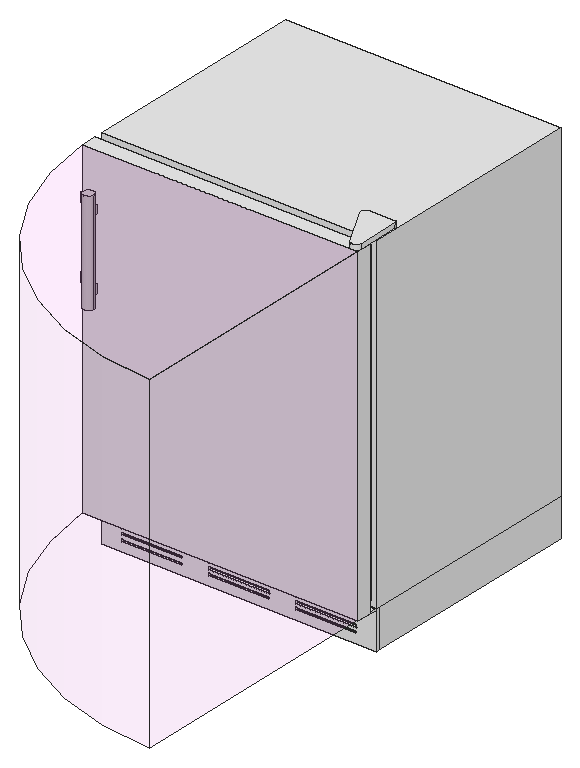
Revit family "QF_Summit_CT661WADA_Refrigerator-Freezer", category Specialty Equipment, Revit 2020
Family settings
  Round Connector Dimension = Use Diameter
  Part Type = Normal
  Work Plane-Based = No
  Always vertical = Yes
  Cut with Voids When Loaded = No
  Shared = No
  Room Calculation Point = No
Parameters
  Weight in Pounds = 100
  Watts = Volts * FL Amps  # 138 W
  Volts = 115 V
  URL Cutsheet = ""
  Specification by User = ""
  Specification by Manufacturer = ""
  Show LHD [instance] = no
  Right Hinged Door [instance] = not(Show LHD)  # yes
  Serial Number = ""
  Seismic Rating = ""
  SMACNA No = ""
  Revision Code = ""
  Refrigerant Volume = 0.00 kip
  Refrigerant Type = "R600a"
  Phase = 1
  Number of Poles = 1
  NAFEM Spec ID Number = ""
  Model = "CT661WADA"
  Min Ckt Ampacity = 0 A
  Max Overcurrent Protection = 0 A
  Masterspec = ""
  Manufacturer = "Summit"
  Length = 23 5/8"
  Item Number = ""
  Installed By = ""
  Identify Quantity as Lot = yes
  Height = 32 3/8"
  HP = ""
  Furnished By = ""
  Foodservice Equipment Identifier = yes
  FL Amps = 1.2 A
  Electrical Remarks = ""
  Electric Connection Type = ""
  Elec Conn RI Height = 0"
  Elec Conn Connection Height = 0"
  Description = "Refrigerator-Freezer"
  Depth = 23"
  Default Elevation = 0"
  Cycle = 60 Hz
  Conn Plug = ""
  Conn Conduit = yes
  CSI MasterFormat = ""
  BTUH = 0.0 Btu/h
  Apparent Power = if(Phase = 3, Volts * FL Amps * 1.73, Volts * FL Amps)  # 138 VA
Reference planes (in)
  plane 1 "BACK": y = 0
  plane 2: z = 0
  plane 3 "LEFT": x = 0
  plane 4 "RIGHT": x = 23.625
  plane 5 "FRONT": y = -23
  plane 6 "TOP": z = 32.375
  plane 7 "Center Y": x = 11.8125
  plane 8 "Center X": y = -11.5
  plane 9: z = 32
  plane 10: y = -24.625
  plane 11: y = -45.375
  plane 12: y = -1.25
  plane 13: y = -21
  plane 14: z = 0.375
  plane 15: z = 3.625
  plane 16: x = 17.46169
Forms (in)
  Extrusion 1, solid, material "QF_Metallic_Paint_White_Smooth"
    sketch origin (-4.07558, -180, 0.25) x (-1, 0, 0) y (0, -1, 0)
      loop
        line (-4.07558, -178.75) -> (-4.07558, -159) -> (-27.70058, -159) -> (-27.70058, -178.75) -> (-4.07558, -178.75)
    from 3.375 to 31.75
  Extrusion 2, solid, material "QF_Metallic_Paint_White_Smooth"
    sketch origin (-5.77638, -180.6239, 3.5) x (-1, 0, 0) y (0, -1, 0)
      loop
        line (-5.77638, -157.625) -> (-29.40138, -157.625) -> (-29.40138, -158.875) -> (-5.77638, -158.875) -> (-5.77638, -157.625)
    from 0.125 to 28.5
  Extrusion 3, solid, material "QF_Metallic_Paint_White_Smooth"
    sketch origin (23.5, -21.7489, 3.5) x (-1, 0, 0) y (0, 0, 1)
      loop
        line (0.375, 0.625) -> (23, 0.625) -> (23, 28) -> (0.375, 28) -> (0.375, 0.625)
    from 0 to 0.7489
  Extrusion 4, solid, material "QF_Metallic_Paint_White_Smooth", visible <- "Right Hinged Door"
    sketch origin (-5.77638, -180.6239, 32) x (-1, 0, 0) y (0, -1, 0)
      loop
        line (-26.55339, -161.37658) -> (-28.47012, -157.91871)
        arc (-28.47012, -157.91871) -> (-28.95386, -157.71088) -> (-29.27619, -158.12717) r 0.42999
        line (-29.27619, -158.12717) -> (-29.27619, -161.7403)
        arc (-29.27619, -161.7403) -> (-29.20297, -161.91708) -> (-29.02619, -161.9903) r 0.25
        line (-29.02619, -161.9903) -> (-26.9149, -161.9903)
        arc (-26.9149, -161.9903) -> (-26.55876, -161.78675) -> (-26.55339, -161.37658) r 0.41333
    from 0 to 0.375
  Extrusion 5, solid, material "QF_Metal_Stainless_Polished", visible <- "Right Hinged Door"
    sketch origin (-1.6459, -180.6239, 28.32044) x (-1, 0, 0) y (0, -1, 0)
      loop
        line (-1.6459, -158.625) -> (-1.5209, -158.625) -> (-1.5209, -157.55854) -> (-2.72981, -156.74311) -> (-3.38781, -156.74311) -> (-3.38781, -156.86811) -> (-2.76803, -156.86811) -> (-1.6459, -157.625) -> (-1.6459, -158.625)
    from 0 to -0.75
  Extrusion 6, solid, material "QF_Metal_Stainless_Polished", visible <- "Right Hinged Door"
    sketch origin (-4.89398, -180.6239, 20.5) x (-1, 0, 0) y (0, -1, 0)
      loop
        circle (-6.30689, -156.43406) r 0.43516
    from 0 to 8.75
  Extrusion 7, solid, material "QF_Metal_Stainless_Polished", visible <- "Right Hinged Door"
    sketch origin (-1.6459, -180.6239, 21.42956) x (0, 1, 0) y (1, 0, 0)
      loop
        line (158.625, 1.6459) -> (157.625, 1.6459) -> (156.86811, 2.76803) -> (156.86811, 3.38781) -> (156.74311, 3.38781) -> (156.74311, 2.72981) -> (157.55854, 1.5209) -> (158.625, 1.5209) -> (158.625, 1.6459)
    from 0 to -0.75
  Extrusion 8, solid, material "QF_Metallic_Paint_White_Smooth", visible <- "Right Hinged Door"
    sketch origin (-5.77638, -180.5, 3.625) x (0, -1, 0) y (-1, 0, 0)
      loop
        line (-159.5, -29.27619) -> (-158.12717, -29.27619)
        arc (-158.12717, -29.27619) -> (-157.71088, -28.95386) -> (-157.91871, -28.47012) r 0.42999
        line (-157.91871, -28.47012) -> (-159.5, -27.5936) -> (-159.5, -29.27619)
    from 0 to 0.125
  Extrusion 9, solid, material "QF_Metallic_Paint_White_Smooth"
    sketch origin (-12.48311, -21, 47.125) x (-1, 0, 0) y (0, 0, 1)
      loop
        line (-12.48311, -46.75) -> (-12.48311, -43.5) -> (-36.10811, -43.5) -> (-36.10811, -46.75) -> (-12.48311, -46.75)
      loop
        line (-14.18872, -44.25) -> (-19.43872, -44.25) -> (-19.43872, -44.5) -> (-14.18872, -44.5) -> (-14.18872, -44.25)
      loop
        line (-14.18872, -44.75) -> (-19.43872, -44.75) -> (-19.43872, -45) -> (-14.18872, -45) -> (-14.18872, -44.75)
      loop
        line (-14.18872, -45.25) -> (-19.43872, -45.25) -> (-19.43872, -45.5) -> (-14.18872, -45.5) -> (-14.18872, -45.25)
      loop
        line (-14.18872, -45.75) -> (-19.43872, -45.75) -> (-19.43872, -46) -> (-14.18872, -46) -> (-14.18872, -45.75)
      loop
        line (-21.67061, -44.25) -> (-26.92061, -44.25) -> (-26.92061, -44.5) -> (-21.67061, -44.5) -> (-21.67061, -44.25)
      loop
        line (-21.67061, -44.75) -> (-26.92061, -44.75) -> (-26.92061, -45) -> (-21.67061, -45) -> (-21.67061, -44.75)
      loop
        line (-21.67061, -45.25) -> (-26.92061, -45.25) -> (-26.92061, -45.5) -> (-21.67061, -45.5) -> (-21.67061, -45.25)
      loop
        line (-21.67061, -45.75) -> (-26.92061, -45.75) -> (-26.92061, -46) -> (-21.67061, -46) -> (-21.67061, -45.75)
      loop
        line (-34.40249, -44.25) -> (-34.40249, -44.5) -> (-29.15249, -44.5) -> (-29.15249, -44.25) -> (-34.40249, -44.25)
      loop
        line (-34.40249, -44.75) -> (-34.40249, -45) -> (-29.15249, -45) -> (-29.15249, -44.75) -> (-34.40249, -44.75)
      loop
        line (-34.40249, -45.25) -> (-34.40249, -45.5) -> (-29.15249, -45.5) -> (-29.15249, -45.25) -> (-34.40249, -45.25)
      loop
        line (-34.40249, -45.75) -> (-34.40249, -46) -> (-29.15249, -46) -> (-29.15249, -45.75) -> (-34.40249, -45.75)
    from 0 to 0.25
  Extrusion 10, solid, material "QF_Metallic_Paint_White_Smooth"
    sketch origin (-12.48311, -1, 48.375) x (-1, 0, 0) y (0, 0, 1)
      loop
        line (-12.48311, -44.75) -> (-36.10811, -44.75) -> (-36.10811, -48) -> (-12.48311, -48) -> (-12.48311, -44.75)
    from -19.75 to -0.25
  Extrusion 11, solid, material "QF_Metallic_Paint_White_Smooth"
    sketch origin (23.625, -1, 0.375) x (0, 1, 0) y (1, 0, 0)
      loop
        circle (-18, -20.5146) r 0.5
      loop
        circle (-2.25, -20.5146) r 0.5
      loop
        circle (-18, -3.1104) r 0.5
      loop
        circle (-2.25, -3.1104) r 0.5
    from 0 to 0.375
  Extrusion 12, solid, material "QF_Metal_Stainless_Polished"
    sketch origin (0, -1.25, 0.25) x (1, 0, 0) y (0, 0, -1)
      loop
        circle (17.46169, -1.09684) r 0.25
    from 0 to 0.25
  Extrusion 13, solid, material "QF_Metallic_Paint_White_Smooth"
    sketch origin (0, -0.75, 17.75) x (0, -1, 0) y (1, 0, 0)
      loop
        line (-0.75, 1) -> (0.5, 1) -> (0.5, 22.625) -> (-0.75, 22.625) -> (-0.75, 1)
    from -14.125 to 13.25
  Extrusion 14, solid, material "QF_Clearances_Door_Drawer", visible <- "Right Hinged Door"
    sketch origin (-5.77638, -180.6239, 3.625) x (0, -1, 0) y (-1, 0, 0)
      loop
        line (-157.625, -29.40138) -> (-135.2489, -29.40138)
        arc (-135.2489, -29.40138) -> (-141.83082, -13.22625) -> (-157.625, -5.77638) r 24.03425
        line (-157.625, -5.77638) -> (-157.625, -29.40138)
    from 0 to -28.375
  Extrusion 15, solid, material "QF_Metallic_Paint_White_Smooth", visible <- "Show LHD"
    sketch origin (29.40138, -180.6239, 32) x (1, 0, 0) y (0, 1, 0)
      loop
        arc (-26.55339, 161.37658) -> (-26.55876, 161.78675) -> (-26.9149, 161.9903) r 0.41333
        line (-26.9149, 161.9903) -> (-29.02619, 161.9903)
        arc (-29.02619, 161.9903) -> (-29.20297, 161.91708) -> (-29.27619, 161.7403) r 0.25
        line (-29.27619, 161.7403) -> (-29.27619, 158.12717)
        arc (-29.27619, 158.12717) -> (-28.95386, 157.71088) -> (-28.47012, 157.91871) r 0.42999
        line (-28.47012, 157.91871) -> (-26.55339, 161.37658)
    from 0 to 0.375
  Extrusion 16, solid, material "QF_Metal_Stainless_Polished", visible <- "Show LHD"
    sketch origin (25.2709, -180.6239, 28.32044) x (1, 0, 0) y (0, 1, 0)
      loop
        line (-1.6459, 158.625) -> (-1.6459, 157.625) -> (-2.76803, 156.86811) -> (-3.38781, 156.86811) -> (-3.38781, 156.74311) -> (-2.72981, 156.74311) -> (-1.5209, 157.55854) -> (-1.5209, 158.625) -> (-1.6459, 158.625)
    from 0 to -0.75
  Extrusion 17, solid, material "QF_Metal_Stainless_Polished", visible <- "Show LHD"
    sketch origin (28.51898, -180.6239, 20.5) x (1, 0, 0) y (0, 1, 0)
      loop
        circle (-6.30689, 156.43406) r 0.43516
    from 0 to 8.75
  Extrusion 18, solid, material "QF_Metal_Stainless_Polished", visible <- "Show LHD"
    sketch origin (25.2709, -180.6239, 21.42956) x (0, -1, 0) y (-1, 0, 0)
      loop
        line (-158.625, 1.6459) -> (-158.625, 1.5209) -> (-157.55854, 1.5209) -> (-156.74311, 2.72981) -> (-156.74311, 3.38781) -> (-156.86811, 3.38781) -> (-156.86811, 2.76803) -> (-157.625, 1.6459) -> (-158.625, 1.6459)
    from 0 to -0.75
  Extrusion 19, solid, material "QF_Metallic_Paint_White_Smooth", visible <- "Show LHD"
    sketch origin (29.40138, -180.5, 3.625) x (0, 1, 0) y (1, 0, 0)
      loop
        line (159.5, -29.27619) -> (159.5, -27.5936) -> (157.91871, -28.47012)
        arc (157.91871, -28.47012) -> (157.71088, -28.95386) -> (158.12717, -29.27619) r 0.42999
        line (158.12717, -29.27619) -> (159.5, -29.27619)
    from 0 to 0.125
  Extrusion 20, solid, material "QF_Clearances_Door_Drawer", visible <- "Show LHD"
    sketch origin (29.40138, -180.6239, 3.625) x (0, 1, 0) y (1, 0, 0)
      loop
        line (157.625, -29.40138) -> (157.625, -5.77638)
        arc (157.625, -5.77638) -> (141.83082, -13.22625) -> (135.2489, -29.40138) r 24.03425
        line (135.2489, -29.40138) -> (157.625, -29.40138)
    from 0 to -28.375
Lines and regions (in)
  symbolic lines
    curve 1: line (0, -1.25, 0) -> (23.625, -1.25, 0)
    curve 2: line (0, -21, 0) -> (0, -1.25, 0)
    curve 3: line (23.625, -21, 0) -> (23.49982, -21, 0)
    curve 4: line (23.625, -1.25, 0) -> (23.625, -21, 0)
    curve 5: line (21.74854, -21, 0) -> (1.87646, -21, 0)
    curve 12: line (23.625, -22.9989, 0) -> (0, -22.9989, 0)
    curve 13: line (0, -21.7489, 0) -> (0, -22.9989, 0)
    curve 14: line (23.625, -21.7489, 0) -> (23.49982, -21.7489, 0)
    curve 15: line (23.625, -22.9989, 0) -> (23.625, -21.7489, 0)
    curve 16: line (22.16366, -21.7489, 0) -> (1.46134, -21.7489, 0)
    curve 28: line (1, -1.25, 0) -> (1, 0, 0)
    curve 29: line (1, 0, 0) -> (22.625, 0, 0)
    curve 30: line (22.625, 0, 0) -> (22.625, -1.25, 0)
    curve 42: line (0.12518, -21, 0) -> (0, -21, 0)
    curve 44: line (0.12518, -21.7489, 0) -> (0, -21.7489, 0)
  symbolic lines, visible <- "Right Hinged Door"
    curve 6: line (23.49982, -22.49673, 0) -> (23.49982, -18.8836, 0)
    curve 7: arc (23.49982, -18.8836, 0) -> (23.42659, -18.70682, 0) -> (23.24982, -18.6336, 0) r 0.25
    curve 8: line (23.24982, -18.6336, 0) -> (21.13852, -18.6336, 0)
    curve 9: arc (21.13852, -18.6336, 0) -> (20.78238, -18.83715, 0) -> (20.77701, -19.24732, 0) r 0.41333
    curve 10: line (20.77701, -19.24732, 0) -> (22.69374, -22.70519, 0)
    curve 11: arc (22.69374, -22.70519, 0) -> (23.17748, -22.91302, 0) -> (23.49982, -22.49673, 0) r 0.42999
    curve 17: line (-0.125, -21.9989, 0) -> (-0.125, -23.06536, 0)
    curve 18: line (-0.125, -23.06536, 0) -> (1.08391, -23.88078, 0)
    curve 19: arc (0.97776, -24.18984, 0) -> (1.41291, -24.625, 0) -> (1.84807, -24.18984, 0) r 0.43516
    curve 20: line (1.74192, -23.75578, 0) -> (1.12213, -23.75578, 0)
    curve 21: line (1.12213, -23.75578, 0) -> (0, -22.9989, 0)
    curve 22: line (1.74192, -23.88078, 0) -> (1.74192, -23.75578, 0)
    curve 23: arc (1.84807, -24.18984, 0) -> (1.73137, -23.89328, 0) -> (1.44385, -23.75578, 0) r 0.43516
    curve 24: line (1.08391, -23.88078, 0) -> (1.10657, -23.88078, 0)
    curve 25: line (1.71926, -23.88078, 0) -> (1.74192, -23.88078, 0)
    curve 26: arc (1.38198, -23.75578, 0) -> (1.09446, -23.89328, 0) -> (0.97776, -24.18984, 0) r 0.43516
    curve 27: line (0.5, -21.7489, 0) -> (0.5, -21, 0)
    curve 32: line (-0.125, -21.9989, 0) -> (0, -21.9989, 0)
    curve 43: line (1.87646, -21, 0) -> (0.12518, -21, 0)
    curve 45: line (1.46134, -21.7489, 0) -> (0.12518, -21.7489, 0)
  symbolic lines, style "QF_Clearances_Door_Drawer", visible <- "Right Hinged Door"
    curve 31: line (23.625, -22.9989, 0) -> (3.82025, -34.43318, 0)
    curve 33: arc (3.82025, -34.43318, 0) -> (1.20686, -29.03479, 0) -> (0.01147, -23.15741, 0) r 24.03425
  symbolic lines, style "QF_Clearances_Door_Drawer", visible <- "Show LHD"
    curve 34: line (0, -22.9989, 0) -> (19.80475, -34.43318, 0)
    curve 35: arc (19.80475, -34.43318, 0) -> (22.41814, -29.03479, 0) -> (23.61353, -23.15741, 0) r 24.03425
  symbolic lines, visible <- "Show LHD"
    curve 36: line (0.12518, -22.49673, 0) -> (0.12518, -18.8836, 0)
    curve 37: arc (0.12518, -18.8836, 0) -> (0.19841, -18.70682, 0) -> (0.37518, -18.6336, 0) r 0.25
    curve 38: line (0.37518, -18.6336, 0) -> (2.48648, -18.6336, 0)
    curve 39: arc (2.48648, -18.6336, 0) -> (2.84262, -18.83715, 0) -> (2.84799, -19.24732, 0) r 0.41333
    curve 40: line (2.84799, -19.24732, 0) -> (0.93126, -22.70519, 0)
    curve 41: arc (0.93126, -22.70519, 0) -> (0.44752, -22.91302, 0) -> (0.12518, -22.49673, 0) r 0.42999
    curve 46: line (23.125, -21.7489, 0) -> (23.125, -21, 0)
    curve 47: line (21.74854, -21, 0) -> (23.49982, -21, 0)
    curve 48: line (22.16366, -21.7489, 0) -> (23.49982, -21.7489, 0)
    curve 49: line (23.75, -21.9989, 0) -> (23.75, -23.06536, 0)
    curve 50: line (23.75, -23.06536, 0) -> (22.54109, -23.88078, 0)
    curve 51: arc (22.64724, -24.18984, 0) -> (22.21209, -24.625, 0) -> (21.77693, -24.18984, 0) r 0.43516
    curve 52: line (21.88308, -23.75578, 0) -> (22.50287, -23.75578, 0)
    curve 53: line (22.50287, -23.75578, 0) -> (23.625, -22.9989, 0)
    curve 54: line (21.88308, -23.88078, 0) -> (21.88308, -23.75578, 0)
    curve 55: arc (21.77693, -24.18984, 0) -> (21.89363, -23.89328, 0) -> (22.18115, -23.75578, 0) r 0.43516
    curve 56: arc (22.24302, -23.75578, 0) -> (22.53054, -23.89328, 0) -> (22.64724, -24.18984, 0) r 0.43516
    curve 57: line (23.75, -21.9989, 0) -> (23.625, -21.9989, 0)
    curve 58: line (22.54109, -23.88078, 0) -> (22.51843, -23.88078, 0)
    curve 59: line (21.90574, -23.88078, 0) -> (21.88308, -23.88078, 0)
Dimensions and locks (in)
  equal spacing: plane 3 "LEFT", plane 7 "Center Y", plane 4 "RIGHT"
  "Length": plane 3 "LEFT" to plane 4 "RIGHT"
  equal spacing: plane 5 "FRONT", plane 8 "Center X", plane 1 "BACK"
  "Depth": plane 5 "FRONT" to plane 1 "BACK"
  "Height": plane 6 "TOP" to level
  plane 4 "RIGHT" to plane 3 "LEFT" = 23 5/8"
  plane 6 "TOP" to plane 9 = 3/8"
  locked: plane 10 to plane 5 "FRONT" at 1.625
  plane 1 "BACK" to plane 12 = 1 1/4"
  plane 12 to plane 13 = 19 3/4"
  plane 9 to plane 2 = 32"
  plane 14 to plane 2 = 3/8"
  plane 15 to plane 14 = 3 1/4"
  plane 11 to plane 1 "BACK" = 45 3/8"
  aligned and locked: level to plane 2
Automatic sketch dimensions
  Extrusion 1 sketch curve to plane 4 "RIGHT" = 0"
  Extrusion 1 sketch curve to plane 3 "LEFT" = 0"
  Extrusion 1 sketch curve to plane 12 = 0"
  Extrusion 1 sketch curve to plane 13 = 0"
  Extrusion 2 sketch curve to plane 4 "RIGHT" = 0"
  Extrusion 2 sketch curve to plane 3 "LEFT" = 0"
  Extrusion 2 sketch curve to plane 13 = 0.7489"
  Extrusion 2 sketch curve to plane 5 "FRONT" = 0.0011"
  Extrusion 2 to Extrusion 3 sketch curve = 1/2"  (x3)
  Extrusion 3 sketch curve to Extrusion 2 = 1/2"
  Extrusion 4 sketch curve to Extrusion 2 = 0.12518"
  Extrusion 4 sketch curve to Extrusion 4 sketch curve = 1/4"
  Extrusion 4 sketch curve to Extrusion 4 sketch curve = 0.42999"
  Extrusion 4 sketch curve to Extrusion 2 = 0.29371"
  Extrusion 4 sketch curve to Extrusion 4 sketch curve = 0.37608"
  Extrusion 4 sketch curve to Extrusion 4 sketch curve = 2.1113"
  Extrusion 4 sketch curve to Extrusion 4 sketch curve = 0.36151"
  Extrusion 2 to Extrusion 4 sketch curve = 2.50158"
  Extrusion 4 sketch curve to Extrusion 4 sketch curve = 0.20039"
  Extrusion 5 sketch curve to plane 3 "LEFT" = 0"
  plane 3 "LEFT" to Extrusion 5 sketch curve = 1.08391"
  Extrusion 5 sketch curve to Extrusion 5 sketch curve = 0.03822"
  Extrusion 5 sketch curve to Extrusion 5 sketch curve = 0.61979"
  Extrusion 5 sketch curve to plane 3 "LEFT" = 1/8"
  Extrusion 5 sketch curve to plane 13 = 0.9989"
  Extrusion 5 sketch curve to plane 5 "FRONT" = 0.0011"
  plane 5 "FRONT" to Extrusion 5 sketch curve = 0.06536"
  plane 5 "FRONT" to Extrusion 5 sketch curve = 0.75578"
  Extrusion 5 sketch curve to Extrusion 5 sketch curve = 1/8"
  plane 10 to Extrusion 6 sketch curve = 0.43516"
  plane 3 "LEFT" to Extrusion 6 sketch curve = 1.41291"
  Extrusion 7 sketch curve to plane 3 "LEFT" = 0"
  plane 10 to Extrusion 7 sketch curve = 0.74422"
  Extrusion 7 sketch curve to Extrusion 7 sketch curve = 1/8"
  plane 5 "FRONT" to Extrusion 7 sketch curve = 0.06536"
  Extrusion 7 sketch curve to plane 5 "FRONT" = 0.0011"
  Extrusion 7 sketch curve to plane 3 "LEFT" = 1/8"
  Extrusion 7 sketch curve to plane 13 = 0.9989"
  plane 3 "LEFT" to Extrusion 7 sketch curve = 1.08391"
  Extrusion 7 sketch curve to Extrusion 7 sketch curve = 0.03822"
  Extrusion 7 sketch curve to Extrusion 7 sketch curve = 0.61979"
  Extrusion 2 to Extrusion 8 sketch curve = 0.12518"
  Extrusion 8 sketch curve to Extrusion 2 = 0.7489"
  Extrusion 2 to Extrusion 8 sketch curve = 0.62393"
  Extrusion 2 to Extrusion 8 sketch curve = 0.41761"
  Extrusion 8 sketch curve to Extrusion 8 sketch curve = 0.42999"
  Extrusion 8 sketch curve to Extrusion 8 sketch curve = 1.6826"
  plane 4 "RIGHT" to Extrusion 9 sketch curve = 0"
  Extrusion 9 sketch curve to plane 3 "LEFT" = 0"
  Extrusion 9 sketch curve to plane 14 = 0"
  Extrusion 9 sketch curve to plane 15 = 0"
  plane 4 "RIGHT" to Extrusion 9 sketch curve = 1.70562"
  plane 14 to Extrusion 9 sketch curve = 3/4"  (x3)
  Extrusion 9 sketch curve to Extrusion 9 sketch curve = 0"  (x18)
  plane 16 to Extrusion 9 sketch curve = 0.79231"
  Extrusion 9 sketch curve to Extrusion 9 sketch curve = 2.23188"  (x2)
  Extrusion 9 sketch curve to plane 7 "Center Y" = 2 5/8"
  plane 3 "LEFT" to Extrusion 9 sketch curve = 1.70562"
  Extrusion 9 sketch curve to Extrusion 9 sketch curve = 1/4"  (x21)
  plane 4 "RIGHT" to Extrusion 10 sketch curve = 0"
  Extrusion 10 sketch curve to plane 3 "LEFT" = 0"
  Extrusion 10 sketch curve to plane 14 = 0"
  Extrusion 10 sketch curve to plane 15 = 0"
  Extrusion 11 sketch curve to Extrusion 10 = 1 3/4"  (x2)
  Extrusion 11 sketch curve to Extrusion 10 = 2"  (x2)
  Extrusion 10 to Extrusion 11 sketch curve = 3.1104"  (x2)
  Extrusion 11 sketch curve to Extrusion 10 = 3.1104"  (x2)
  Extrusion 12 sketch curve to Extrusion 1 = 2.27816"
  Extrusion 12 sketch curve to Extrusion 1 = 6.16331"
  plane 1 "BACK" to Extrusion 13 sketch curve = 0"
  Extrusion 13 sketch curve to plane 12 = 0"
  plane 3 "LEFT" to Extrusion 13 sketch curve = 1"
  plane 4 "RIGHT" to Extrusion 13 sketch curve = 1"
  Extrusion 14 sketch curve to Extrusion 2 = 0"  (x3)
  Extrusion 14 sketch curve to Extrusion 2 = 0.40557"
  Extrusion 14 sketch curve to Extrusion 14 sketch curve = 22.3761"
  Extrusion 15 sketch curve to Extrusion 2 = 0.12518"
  Extrusion 15 sketch curve to Extrusion 15 sketch curve = 1/4"
  Extrusion 15 sketch curve to Extrusion 15 sketch curve = 0.42999"
  Extrusion 15 sketch curve to Extrusion 2 = 0.29371"
  Extrusion 15 sketch curve to Extrusion 15 sketch curve = 0.37608"
  Extrusion 15 sketch curve to Extrusion 15 sketch curve = 2.1113"
  Extrusion 15 sketch curve to Extrusion 15 sketch curve = 0.36151"
  Extrusion 2 to Extrusion 15 sketch curve = 2.50158"
  Extrusion 15 sketch curve to Extrusion 15 sketch curve = 0.20039"
  Extrusion 16 sketch curve to plane 4 "RIGHT" = 0"
  plane 4 "RIGHT" to Extrusion 16 sketch curve = 1.08391"
  Extrusion 16 sketch curve to Extrusion 16 sketch curve = 0.03822"
  Extrusion 16 sketch curve to Extrusion 16 sketch curve = 0.61979"
  Extrusion 16 sketch curve to plane 4 "RIGHT" = 1/8"
  plane 10 to Extrusion 16 sketch curve = 0.74422"
  Extrusion 16 sketch curve to Extrusion 16 sketch curve = 1/8"
  plane 5 "FRONT" to Extrusion 16 sketch curve = 0.06536"
  Extrusion 16 sketch curve to plane 5 "FRONT" = 0.0011"
  Extrusion 16 sketch curve to plane 13 = 0.9989"
  plane 10 to Extrusion 17 sketch curve = 0.43516"
  plane 4 "RIGHT" to Extrusion 17 sketch curve = 1.41291"
  Extrusion 18 sketch curve to plane 4 "RIGHT" = 0"
  Extrusion 18 sketch curve to plane 13 = 0.9989"
  Extrusion 18 sketch curve to plane 5 "FRONT" = 0.0011"
  plane 5 "FRONT" to Extrusion 18 sketch curve = 0.06536"
  plane 5 "FRONT" to Extrusion 18 sketch curve = 0.75578"
  Extrusion 18 sketch curve to Extrusion 18 sketch curve = 1/8"
  plane 4 "RIGHT" to Extrusion 18 sketch curve = 1.08391"
  Extrusion 18 sketch curve to Extrusion 18 sketch curve = 0.03822"
  Extrusion 18 sketch curve to Extrusion 18 sketch curve = 0.61979"
  Extrusion 18 sketch curve to plane 4 "RIGHT" = 1/8"
  Extrusion 2 to Extrusion 19 sketch curve = 0.41761"
  Extrusion 2 to Extrusion 19 sketch curve = 0.12518"
  Extrusion 2 to Extrusion 19 sketch curve = 0.62393"
  Extrusion 19 sketch curve to Extrusion 2 = 0.7489"
  Extrusion 19 sketch curve to Extrusion 19 sketch curve = 0.42999"
  Extrusion 19 sketch curve to Extrusion 19 sketch curve = 1.6826"
  Extrusion 20 sketch curve to Extrusion 2 = 0"  (x3)
  Extrusion 20 sketch curve to Extrusion 20 sketch curve = 22.3761"
  Extrusion 20 sketch curve to Extrusion 2 = 0.35216"
  curve 19 to curve 26 = 0"
  curve 23 to curve 26 = 0"
  curve 51 to curve 55 = 0"
  curve 51 to curve 56 = 0"
  curve 13 to plane 3 "LEFT" = 0"
  curve 2 to plane 3 "LEFT" = 0"
  curve 43 to plane 13 = 0"
  curve 42 to plane 13 = 0"
  plane 1 "BACK" to curve 29 = 0"
  curve 28 to plane 12 = 0"
  curve 5 to plane 13 = 0"
  curve 47 to plane 13 = 0"
  curve 3 to plane 13 = 0"
  curve 4 to plane 4 "RIGHT" = 0"
  curve 12 to plane 4 "RIGHT" = 0"
  curve 32 to curve 32 = 1/8"
  curve 35 to plane 3 "LEFT" = 0.35216"
  plane 3 "LEFT" to curve 36 = 0.12518"
  curve 36 to curve 37 = 1/4"
  curve 36 to curve 41 = 0.42999"
  curve 40 to plane 5 "FRONT" = 0.29481"
  curve 41 to curve 40 = 0.37608"
  plane 3 "LEFT" to curve 29 = 1"
  plane 3 "LEFT" to curve 18 = 1.08391"
  plane 5 "FRONT" to curve 21 = 0.75578"
  curve 18 to curve 21 = 0.03822"
  curve 18 to curve 19 = 0.329"
  curve 19 to curve 22 = 0.329"
  curve 38 to curve 38 = 2.1113"
  curve 39 to curve 40 = 0.36151"
  plane 3 "LEFT" to curve 31 = 3.82025"
  curve 34 to plane 16 = 2.34306"
  plane 4 "RIGHT" to curve 10 = 2.84799"
  curve 9 to curve 9 = 0.36151"
  plane 5 "FRONT" to curve 54 = 0.75578"
  plane 4 "RIGHT" to curve 54 = 1.74192"
  curve 54 to curve 56 = 0.329"
  curve 51 to curve 53 = 0.29079"
  plane 4 "RIGHT" to curve 30 = 1"
  curve 10 to plane 5 "FRONT" = 0.29481"
  plane 4 "RIGHT" to curve 10 = 0.93126"
  curve 10 to curve 11 = 0.37608"
  plane 4 "RIGHT" to curve 8 = 0.37518"
  plane 4 "RIGHT" to curve 6 = 0.12518"
  curve 57 to plane 4 "RIGHT" = 1/8"
  curve 33 to plane 4 "RIGHT" = 0.35216"
  curve 25 to curve 20 = 1/8"
  curve 24 to curve 20 = 1/8"
  plane 10 to curve 26 = 0.43516"
  curve 56 to curve 56 = 0.43406"
  curve 31 to plane 10 = 9.80818"
  plane 5 "FRONT" to curve 17 = 0.06536"
  plane 5 "FRONT" to curve 49 = 0.06536"
  curve 21 to plane 5 "FRONT" = 0.0011"
  curve 6 to curve 49 = 0.49783"
  curve 41 to curve 17 = 0.49783"
  curve 57 to curve 15 = 1/4"
  curve 32 to curve 13 = 1/4"
  curve 35 to plane 13 = 0.34333"
  curve 33 to plane 13 = 0.34333"
  plane 13 to curve 40 = 1.75268"
  plane 13 to curve 10 = 1.75268"
  curve 39 to curve 39 = 0.20039"
  curve 9 to curve 9 = 0.20039"
  curve 42 to curve 27 = 0.37482"
  curve 26 to curve 18 = 0.10616"
  curve 16 to plane 13 = 0.7489"
  curve 45 to curve 16 = 0"
  curve 55 to curve 54 = 0.10616"
  curve 48 to curve 16 = 0"
  curve 52 to curve 58 = 0.03822"
  curve 46 to curve 14 = 0.37482"
  plane 4 "RIGHT" to curve 35 = 0.01147"
  curve 59 to curve 52 = 1/8"
  curve 58 to curve 50 = 0.02266"
  radius of Extrusion 6 sketch curve = 0.43516"
  radius of Extrusion 11 sketch curve = 1/2"  (x4)
  radius of Extrusion 12 sketch curve = 1/4"
  radius of Extrusion 17 sketch curve = 0.43516"
Connectors (in)
  electrical at (17.46169, -1, 1.34684), driven by "Volts", driven by "Watts"
    settings: on Extrusion 12, index 5, voltage 115 V, apparent load 138 VA, apparent load phase1 0 VA, apparent load phase2 0 VA, apparent load phase3 0 VA, power factor 1, load classification "Other", number of poles 1, system type 30, power factor state 1, is connector primary yes, connector utility no, sub classification motor no, connector description ""
